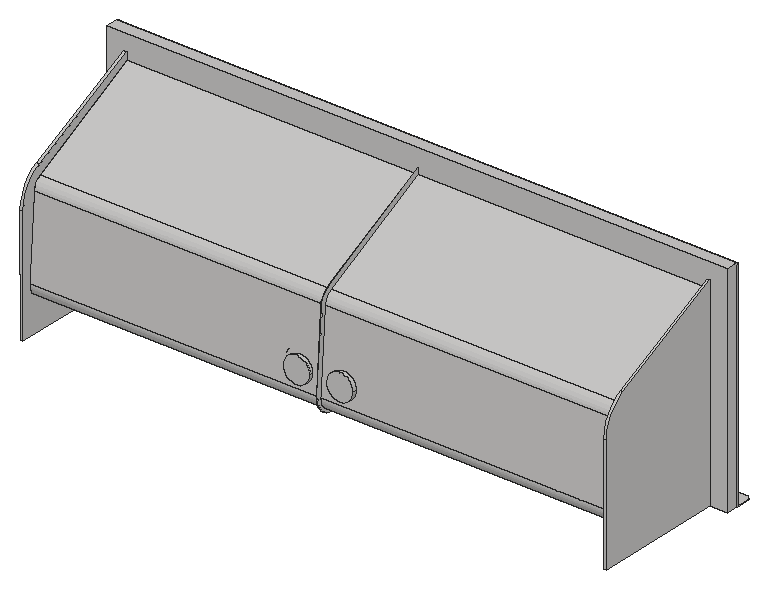
Revit family "PRD_AR_JntrlUnits_SiriusMultiPurposeSink_BS315N", category Plumbing Fixtures, host Face, Revit 2018
Family settings
  Host = Face
  Round Connector Dimension = Use Diameter
  Part Type = Normal
  OmniClass Number = 23.45.05.14.14
  OmniClass Title = Sinks/Lavatories
  Cut with Voids When Loaded = No
  Shared = No
  Room Calculation Point = No
Parameters (values of type "BS315N")
  WaterSupplyOverflowAndWasteHolesWaterSupply = "No tapholes"
  WaterSupplyOverflowAndWasteHolesWaste = "Right-Back-Corner"
  WaterSupplyOverflowAndWasteHolesOverflow = "Stand pipe overflow"
  WasteSize = 40.00 mm
  WarrantyStartDate [instance] = "1900-12-31T23:59:59"
  WarrantyGuarantorParts = "n/a"
  WarrantyGuarantorLabor = "n/a"
  WarrantyDurationUnit = "year"
  WarrantyDurationParts = "n/a"
  WarrantyDurationLabor = "n/a"
  WarrantyDescription = "n/a"
  Version = "1"
  Uniclass2015Version = "Products v1.10"
  Uniclass2015Title = "Janitorial sinks"
  Uniclass2015Code = "Pr_40_20_96_44"
  URL = "www.kwc.com"
  TagNumber [instance] = "n/a"
  SustainabilityPerformance = "n/a"
  Size = "1420 x 500 x 346 mm"
  SinkType = "Other"
  SinkMounting = "WallHung"
  SinkMaterial = PRD_AR_StainlessSteel_SatinFinished
  Shape = "Rectangular"
  SerialNumber [instance] = "n/a"
  Revision = "n/a"
  ReplacementCost = "n/a"
  ProductInformation = "https://pim.kwc.com/product/2030045755/attachment/datasheet?locale=en"
  OutletSize = "DN 40 (1 1/2 inch.)"
  Options = "n/a"
  NominalWidth = 1420 mm
  NominalHeight = 346 mm
  NominalDepth = 500 mm
  NetWeight = 13.50 kg
  Name = "Sirius multi purpose sink BS315N"
  NBSTypeID = "n/a"
  NBSReference = "45-35-70/401"
  NBSOfficeMasterTag = "n/a"
  NBSNote = "n/a"
  NBSDescription = "Janitorial units"
  NBSCertification = "n/a"
  ModelReference = "BS315N"
  ModelNumber = "2030045755"
  Model = ModelReference  # "BS315N"
  Material = "Stainless steel"
  ManufacturerURL = "www.kwc.com"
  ManufacturerName = "KWC Group AG"  # constant formula
  Manufacturer = ManufacturerName  # "KWC Group AG"
  IntegralAccessories = "incl. stainless steel screws and dowels"
  InstallationDate [instance] = "1900-12-31T23:59:59"
  IfcExportType = "SINK"
  IfcExportAs = "IfcSanitaryTerminalType"
  HingedGrateZSIRX001Right [instance] = yes
  HingedGrateZSIRX001Left [instance] = yes
  GrossWeight = 15.20 kg
  Grade = "n/a"
  Form = "Stainless steel multi purpose sink"
  FinishAndMaterial = "Stainless steel 1.4301"
  Finish = "Satin finished"
  Features = "stainless steel, 0.80 mm, satin finished, wall mounting, 1420x346x500 mm (WxHxD)"
  ExpectedLife = "n/a"
  DurationUnit = "year"
  DrainSize = "DN 40 (1 1/2 inch.)"
  Description = "SIRIUS washtrough with 2 basins for wall mounting, stainless steel, satin finished surface, material thickness of trough 0.8 mm / side panels 1.2 mm, seamlessly welded side panels with integrated wall brackets, front panel with rubbing board, 70 mm lowered tap landing, no overflow, 40 mm rear upstand, 2 central wastes, G 1 1/2 B plastic standpipe strainers (x2), removable corner protection plates, includes fixings."
  Default Elevation = 850 mm
  CreateOn = "11/2018"  # constant formula
  Constituents = "n/a"
  ConnectingDimensions = "n/a"
  Color = "Stainless steel"
  CodePerformance = "n/a"
  Category = "Pr_40_20_96_44, Janitorial sinks"
  BarCode [instance] = "n/a"
  BIMObjectName = "PRD_AR_JanitorialUnits_SiriusMultiPurposeSink_BS315N"
  Author = "Archispace"  # constant formula
  AssetType = "Fixed"
  AssetIdentifier [instance] = "n/a"
  AccessibilityPerformance = "n/a"
Reference planes
  plane 1 "Center (Front/Back)": y = 0
  plane 2: z = 0
  plane 3 "Center (Left/Right)": x = 0
Dimensions and locks
  aligned and locked: plane 2 to host face
  aligned and locked: level to host face
Nested families
  nested 1: "BS315" at (0, 0, 0) x (1, 0, 0) z (0, 1, 0), type "BS315"
    with Default Elevation 0 mm
  nested 2: "PRD_AR_JntrlUnits_SiriusHingedGrate_ZSIRX001" at (336, 0, 49.242) x (1, 0, 0) z (0, 1, 0), visible <- "HingedGrateZSIRX001Left", type "ZSIRX001", detail levels fine
    with WarrantyStartDate "1900-12-31T23:59:59", TagNumber "n/a", SerialNumber "n/a", InstallationDate "1900-12-31T23:59:59", BarCode "n/a", AssetIdentifier "n/a"
  nested 3: "PRD_AR_JntrlUnits_SiriusHingedGrate_ZSIRX001" at (-336, 0, 49.242) x (-1, 0, 0) z (0, 1, 0), visible <- "HingedGrateZSIRX001Right", type "ZSIRX001", detail levels fine
    with WarrantyStartDate "1900-12-31T23:59:59", TagNumber "n/a", SerialNumber "n/a", InstallationDate "1900-12-31T23:59:59", BarCode "n/a", AssetIdentifier "n/a"
  nested 4: "PRD_AR_JntrlUnits_SiriusAssemblyHingedGrate_ZSIRX004" at (331.425, 0, 252.242) x (1, 0, 0) z (0, 1, 0), type "ZSIRX004"
    with WarrantyStartDate "1900-12-31T23:59:59", TagNumber "n/a", SerialNumber "n/a", InstallationDate "1900-12-31T23:59:59", BarCode "n/a", AssetIdentifier "n/a"
  nested 5: "PRD_AR_JntrlUnits_SiriusAssemblyHingedGrate_ZSIRX004" at (-331.425, 0, 252.242) x (-1, 0, 0) z (0, 1, 0), type "ZSIRX004"
    with WarrantyStartDate "1900-12-31T23:59:59", TagNumber "n/a", SerialNumber "n/a", InstallationDate "1900-12-31T23:59:59", BarCode "n/a", AssetIdentifier "n/a"
Connectors
  piping at (-50, -313, 150.5), diameter 40, driven by "WasteSize", driven by "DrainSize"
    settings: on nested 1, index 1, connector inside diameter 609.60 mm, connector length 0 mm, flow factor 0, pipe flow 0.0 L/s, pressure drop 0.0 Pa, fitting loss kfactor 0, connector angle 0.00°, fixture units 0, engagement length 0 mm, angle of deflection 0.00°, flow configuration 2, flow direction 2, fitting loss method 0, system type 16, joint type 0, gender type 0, connector reference index -1, connector utility 0, adjustable connector no, is connector primary yes, connector description "DN 40 (1 1/2 inch.)"
  piping at (50, -313, 150.5), diameter 40, driven by "WasteSize", driven by "DrainSize"
    settings: on nested 1, index 2, connector inside diameter 609.60 mm, connector length 0 mm, flow factor 0, pipe flow 0.0 L/s, pressure drop 0.0 Pa, fitting loss kfactor 0, connector angle 0.00°, fixture units 0, engagement length 0 mm, angle of deflection 0.00°, flow configuration 2, flow direction 2, fitting loss method 0, system type 16, joint type 0, gender type 0, connector reference index -1, connector utility 0, adjustable connector no, is connector primary no, connector description "DN 40 (1 1/2 inch.)"
Definition of nested family "BS315"
  Parameters (values of type "BS315")
    Material = none
    Default Elevation = 1219.2 mm
  Reference planes
    plane 1 "Center (Front/Back)": y = 0
    plane 2: z = 0
    plane 3 "Center (Left/Right)": x = 0
  Forms (mm)
    Extrusion 1, solid, material <- "Material", detail levels fine
      sketch origin (0, 0, 0) x (0, 1, 0) y (0, 0, 1)
        loop
          line (-500, 0) -> (-500, -30) -> (0, -30) -> (0, 0) -> (-500, 0)
      from -710 to 710
    Extrusion 2, solid, material <- "Material", detail levels fine
      sketch origin (0, 0, 0) x (0, 1, 0) y (0, 0, 1)
        loop
          line (-267.47, -327) -> (0, -327) -> (0, -30) -> (-463.523, -30) -> (-343.122, -279.507)
          arc (-343.122, -279.507) -> (-312.132, -314.143) -> (-267.47, -327) r 84
      from 665 to 671
    Extrusion 3, solid, material <- "Material", detail levels fine
      sketch origin (0, 0, 0) x (0, 1, 0) y (0, 0, -1)
        loop
          arc (-267.47, 327) -> (-312.132, 314.143) -> (-343.122, 279.507) r 84
          line (-343.122, 279.507) -> (-463.523, 30) -> (0, 30) -> (0, 327) -> (-267.47, 327)
      from 665 to 671
    Extrusion 4, solid, material <- "Material", detail levels fine
      sketch origin (0, 0, 0) x (0, 1, 0) y (0, 0, 1)
        loop
          line (-76.498, -278.693) -> (-69.2, 0) -> (-460.898, 0) -> (-318.739, -279.003)
          arc (-318.739, -279.003) -> (-308.296, -290.704) -> (-293.444, -295.745) r 30.8
          line (-293.444, -295.745) -> (-109.436, -308.612)
          arc (-109.436, -308.612) -> (-86.578, -300.686) -> (-76.498, -278.693) r 30.8
      from -665 to 665
    Extrusion 5, void
      sketch origin (0, 0, 0) x (0, 1, 0) y (0, 0, 1)
        loop
          line (-77.497, -278.667) -> (-70.2, 0) -> (-459.776, 0) -> (-317.848, -278.549)
          arc (-317.848, -278.549) -> (-307.744, -289.87) -> (-293.375, -294.747) r 29.8
          line (-293.375, -294.747) -> (-109.366, -307.614)
          arc (-109.366, -307.614) -> (-87.25, -299.946) -> (-77.497, -278.667) r 29.8
      from -665 to 665
    Extrusion 6, void
      sketch origin (0, 0, 0) x (1, 0, 0) y (0, 0, 1)
        loop
          arc (-710, -2) -> (-709.414, -0.586) -> (-708, 0) r 2
          line (-708, 0) -> (-710, 0) -> (-710, -2)
        loop
          line (710, -2) -> (710, 0) -> (708, 0)
          arc (708, 0) -> (709.414, -0.586) -> (710, -2) r 2
      from 0 to 500
    Extrusion 7, void
      sketch origin (0, 0, 0) x (0, 1, 0) y (0, 0, 1)
        loop
          arc (-500, -2) -> (-499.414, -0.586) -> (-498, 0) r 2
          line (-498, 0) -> (-500, 0) -> (-500, -2)
      from -710 to 710
    Extrusion 8, solid, material <- "Material", detail levels medium+fine
      sketch origin (0, 0, 0) x (1, 0, 0) y (0, 0, 1)
        loop
          line (-710, 0) -> (710, 0) -> (710, 30) -> (700, 40) -> (-700, 40) -> (-710, 30) -> (-710, 0)
      from 0 to 1
    Extrusion 9, solid, material <- "Material", detail levels medium
      sketch origin (0, 0, 0) x (0, 1, 0) y (0, 0, 1)
        loop
          line (0, -327) -> (0, -30) -> (-463.523, -30) -> (-320.204, -327) -> (0, -327)
      from 665 to 671
    Extrusion 10, solid, material <- "Material", detail levels medium
      sketch origin (0, 0, 0) x (0, 1, 0) y (0, 0, -1)
        loop
          line (0, 327) -> (-320.204, 327) -> (-463.523, 30) -> (0, 30) -> (0, 327)
      from 665 to 671
    Extrusion 11, solid, material <- "Material", detail levels medium
      sketch origin (0, 0, 0) x (0, 1, 0) y (0, 0, 1)
        loop
          line (-77.34, -310.856) -> (-69.2, 0) -> (-460.898, 0) -> (-310.828, -294.529) -> (-77.34, -310.856)
      from -665 to 665
    Extrusion 12, solid, material <- "Material", detail levels medium
      sketch origin (0, 0, 0) x (0, 1, 0) y (0, 0, 1)
        loop
          line (-500, -30) -> (0, -30) -> (0, 0) -> (-500, 0) -> (-500, -30)
      from -710 to 710
    Extrusion 13, void
      sketch origin (0, 0, 0) x (0, 1, 0) y (0, 0, 1)
        loop
          line (-77.497, -278.667) -> (-70.2, 0) -> (-459.776, 0) -> (-317.848, -278.549)
          arc (-317.848, -278.549) -> (-307.744, -289.87) -> (-293.375, -294.747) r 29.8
          line (-293.375, -294.747) -> (-109.366, -307.614)
          arc (-109.366, -307.614) -> (-87.25, -299.946) -> (-77.497, -278.667) r 29.8
      from -670 to 670
    Extrusion 14, solid, material <- "Material", detail levels coarse
      sketch origin (0, 0, 0) x (0, 1, 0) y (0, 0, 1)
        loop
          line (-463.523, -30) -> (-320.204, -327) -> (0, -327) -> (0, 0) -> (-500, 0) -> (-500, -30) -> (-463.523, -30)
      from -710 to 710
    Extrusion 15, solid, material <- "Material", detail levels fine
      sketch origin (0, 0, 0) x (-1, 0, 0) y (0, -1, 0)
        loop
          line (85.128, 144) -> (85.128, 156)
          arc (85.128, 156) -> (72.065, 185.125) -> (41.628, 194.739) r 39
          line (41.628, 194.739) -> (1, 190.02) -> (1, 189.013) -> (41.743, 193.746)
          arc (41.743, 193.746) -> (71.4, 184.378) -> (84.128, 156) r 38
          line (84.128, 156) -> (84.128, 144)
          arc (84.128, 144) -> (71.4, 115.622) -> (41.743, 106.254) r 38
          line (41.743, 106.254) -> (1, 110.987) -> (1, 109.98) -> (41.628, 105.261)
          arc (41.628, 105.261) -> (72.065, 114.875) -> (85.128, 144) r 39
        loop
          arc (-85.128, 144) -> (-72.065, 114.875) -> (-41.628, 105.261) r 39
          line (-41.628, 105.261) -> (-1, 109.98) -> (-1, 110.987) -> (-41.743, 106.254)
          arc (-41.743, 106.254) -> (-71.4, 115.622) -> (-84.128, 144) r 38
          line (-84.128, 144) -> (-84.128, 156)
          arc (-84.128, 156) -> (-71.4, 184.378) -> (-41.743, 193.746) r 38
          line (-41.743, 193.746) -> (-1, 189.013) -> (-1, 190.02) -> (-41.628, 194.739)
          arc (-41.628, 194.739) -> (-72.065, 185.125) -> (-85.128, 156) r 39
          line (-85.128, 156) -> (-85.128, 144)
      from -302.105 to -75
    Extrusion 16, solid, material <- "Material", detail levels medium+fine
      sketch origin (0, 0, 0) x (0, 1, 0) y (0, 0, 1)
        loop
          line (-67.164, -273.671) -> (-60.579, -22.216) -> (-70.2, 0) -> (-459.776, 0) -> (-458.256, -25.408) -> (-328.22, -280.617)
          arc (-328.22, -280.617) -> (-312.962, -297.712) -> (-291.264, -305.078) r 45
          line (-291.264, -305.078) -> (-115.288, -317.383)
          arc (-115.288, -317.383) -> (-81.892, -305.803) -> (-67.164, -273.671) r 45
      from -1 to 1
    Extrusion 17, solid, material <- "Material"
      sketch origin (0, 0, 0) x (1, 0, 0) y (0, 1, 0)
        loop
          circle (-50, -150.5) r 30
        loop
          circle (50, -150.5) r 30
      from -300.6 to -313
  Cuts and joins
    Extrusion 5, Extrusion 6, Extrusion 7 cuts Extrusion 1
    Extrusion 5, Extrusion 7 cuts Extrusion 2
    Extrusion 5, Extrusion 7 cuts Extrusion 3
    Extrusion 5, Extrusion 7 cuts Extrusion 4
    joined: Extrusion 1, Extrusion 2, Extrusion 3, Extrusion 4
    Extrusion 13 cuts Extrusion 9
    Extrusion 13 cuts Extrusion 10
    Extrusion 13 cuts Extrusion 11
    Extrusion 13 cuts Extrusion 12
    joined: Extrusion 9, Extrusion 10, Extrusion 11, Extrusion 12
  Lines and regions (mm)
    symbolic lines, detail levels coarse
      curve 1: line (-670, -70.2, 0) -> (670, -70.2, 0)
      curve 2: line (-670, -459.776, 0) -> (-670, -70.2, 0)
      curve 3: line (670, -459.776, 0) -> (-670, -459.776, 0)
      curve 4: line (670, -70.2, 0) -> (670, -459.776, 0)
      curve 5: line (0, -70.2, 0) -> (0, -459.776, 0)
  Dimensions and locks
    aligned and locked: level to plane 2
Definition of nested family "PRD_AR_JntrlUnits_SiriusHingedGrate_ZSIRX001"
  Parameters (values of type "ZSIRX001")
    WarrantyStartDate [instance] = "1900-12-31T23:59:59"
    WarrantyGuarantorParts = "n/a"
    WarrantyGuarantorLabor = "n/a"
    WarrantyDurationUnit = "year"
    WarrantyDurationParts = "n/a"
    WarrantyDurationLabor = "n/a"
    WarrantyDescription = "n/a"
    Version = "1"
    Uniclass2015Version = "Products v1.5"
    Uniclass2015Title = "Janitorial sinks"
    Uniclass2015Code = "Pr_40_20_96_44"
    URL = "www.kwc.com"
    TagNumber [instance] = "n/a"
    SustainabilityPerformance = "n/a"
    Style = "Hinged grate"
    Size = "25 x 310 x 430 mm"
    Shape = "n/a"
    SerialNumber [instance] = "n/a"
    Revision = "n/a"
    ReplacementCost = "n/a"
    ProductInformation = "https://pim.kwc.com/product/2000102678/attachment/datasheet?locale=en"
    NominalWidth = 0 mm
    NominalLength = 430 mm
    NominalHeight = 0 mm
    NominalDepth = 310 mm
    NetWeight = 1.60 kg
    Name = "Sirius hinged grate ZSIRX001"
    NBSTypeID = "n/a"
    NBSReference = "45-35-70/401"
    NBSOfficeMasterTag = "n/a"
    NBSNote = "n/a"
    NBSDescription = "Janitorial units"
    NBSCertification = "n/a"
    ModelReference = "ZSIRX001"
    ModelNumber = "2000102678"
    Model = ModelReference  # "ZSIRX001"
    Material = "stainless steel 1.4301"
    ManufacturerURL = "www.kwc.com"
    ManufacturerName = "KWC Group AG"  # constant formula
    Manufacturer = ManufacturerName  # "KWC Group AG"
    MainColor = "stainless steel"
    InstallationDate [instance] = "1900-12-31T23:59:59"
    IfcExportType = "NOTDEFINED"
    IfcExportAs = "IfcFurnitureType"
    GrossWeight = 4.00 kg
    GrateMaterial = none
    Grade = "n/a"
    Finish = "satin finished"
    Features = "stainless steel, 4.00 mm, satin finished, bolt mounting, 25x310x430 mm (WxHxD)"
    ExpectedLife = "n/a"
    DurationUnit = "year"
    Description = "Hinged grate (unfixed) of stainless steel to BS313, BS314, LTJ450 and CA210."
    Constituents = "n/a"
    Color = "stainless steel"
    CodePerformance = "n/a"
    Category = "Pr_40_20_96_44, Janitorial sinks"
    BarCode [instance] = "n/a"
    BIMObjectName = "PRD_AR_JanitorialUnits_SiriusHingedGrate_ZSIRX001"
    Author = "Archispace"  # constant formula
    AssetType = "Fixed"
    AssetIdentifier [instance] = "n/a"
    AccessibilityPerformance = "n/a"
  Reference planes
    plane 1 "Center (Front/Back)": y = 0
    plane 2: z = 0
    plane 3 "Center (Left/Right)": x = 0
  Forms (mm)
    Extrusion 1, solid, material <- "GrateMaterial"
      sketch origin (0, 0, 0) x (1, 0, 0) y (0, 1, 0)
        loop
          arc (-155, -414) -> (-152.364, -420.364) -> (-146, -423) r 9
          line (-146, -423) -> (-58, -423)
          arc (-58, -423) -> (-51.636, -420.364) -> (-49, -414) r 9
          line (-49, -414) -> (-49, -337) -> (49, -337) -> (49, -414)
          arc (49, -414) -> (51.636, -420.364) -> (58, -423) r 9
          line (58, -423) -> (146, -423)
          arc (146, -423) -> (152.364, -420.364) -> (155, -414) r 9
          line (155, -414) -> (155, 4) -> (155, 7) -> (151, 7) -> (151, -233) -> (53, -233) -> (53, 7) -> (49, 7) -> (49, -333) -> (-49, -333) -> (-49, 7) -> (-53, 7) -> (-53, -233) -> (-151, -233) -> (-151, 7) -> (-155, 7) -> (-155, -414)
        loop
          arc (-58, -419) -> (-54.464, -417.536) -> (-53, -414) r 5
          line (-53, -414) -> (-53, -237) -> (-151, -237) -> (-151, -414)
          arc (-151, -414) -> (-149.536, -417.536) -> (-146, -419) r 5
          line (-146, -419) -> (-58, -419)
        loop
          arc (146, -419) -> (149.536, -417.536) -> (151, -414) r 5
          line (151, -414) -> (151, -237) -> (53, -237) -> (53, -414)
          arc (53, -414) -> (54.464, -417.536) -> (58, -419) r 5
          line (58, -419) -> (146, -419)
      from 4 to 24
    Extrusion 2, solid, material <- "GrateMaterial", detail levels fine
      sketch origin (0, 0, 0) x (0, 1, 0) y (0, 0, 1)
        loop
          circle (0, 12) r 4
      from -151 to 151
    Extrusion 3, solid, material <- "GrateMaterial", detail levels fine
      sketch origin (0, 0, 0) x (1, 0, 0) y (0, 1, 0)
        loop
          circle (-140, 0) r 8
        loop
          circle (140, 0) r 8
      from 0 to 17
  Dimensions and locks
    aligned and locked: level to plane 2
  Nested families
    nested 1: "PRD_AR_JntrlUnits_SiriusAssemblyHingedGrate_ZSIRX004" at (-4.575, -203, 0), type "ZSIRX004"
      with WarrantyStartDate "1900-12-31T23:59:59", TagNumber "n/a", SerialNumber "n/a", InstallationDate "1900-12-31T23:59:59", BarCode "n/a", AssetIdentifier "n/a"
  Definition of nested family "PRD_AR_JntrlUnits_SiriusAssemblyHingedGrate_ZSIRX004"
    Parameters (values of type "ZSIRX004")
      WarrantyStartDate [instance] = "1900-12-31T23:59:59"
      WarrantyGuarantorParts = "n/a"
      WarrantyGuarantorLabor = "n/a"
      WarrantyDurationUnit = "year"
      WarrantyDurationParts = "n/a"
      WarrantyDurationLabor = "n/a"
      WarrantyDescription = "n/a"
      Version = "1"
      Uniclass2015Version = "Products v1.5"
      Uniclass2015Title = "Janitorial sinks"
      Uniclass2015Code = "Pr_40_20_96_44"
      URL = "www.kwc.com"
      TagNumber [instance] = "n/a"
      SustainabilityPerformance = "n/a"
      Style = "Assembly hinged grate"
      Size = "n/a"
      Shape = "n/a"
      SerialNumber [instance] = "n/a"
      Revision = "n/a"
      ReplacementCost = "n/a"
      ProductInformation = "https://pim.kwc.com/product/2000102679/attachment/datasheet?locale=en"
      NominalWidth = 0 mm
      NominalLength = 0 mm
      NominalHeight = 0 mm
      NominalDepth = 0 mm
      NetWeight = 0.00 kg
      Name = "Sirius assembly hinged grate ZSIRX004"
      NBSTypeID = "n/a"
      NBSReference = "45-35-70/401"
      NBSOfficeMasterTag = "n/a"
      NBSNote = "n/a"
      NBSDescription = "Janitorial units"
      NBSCertification = "n/a"
      ModelReference = "ZSIRX004"
      ModelNumber = "2000102679"
      Model = ModelReference  # "ZSIRX004"
      Material = "n/a"
      ManufacturerURL = "www.kwc.com"
      ManufacturerName = "KWC Group AG"  # constant formula
      Manufacturer = ManufacturerName  # "KWC Group AG"
      MainColor = "n/a"
      InstallationDate [instance] = "1900-12-31T23:59:59"
      IfcExportType = "NOTDEFINED"
      IfcExportAs = "IfcFurnitureType"
      GrossWeight = 0.00 kg
      Grade = "n/a"
      Finish = "n/a"
      Features = "assembly hinged grate"
      ExpectedLife = "n/a"
      DurationUnit = "year"
      Description = "Surcharge assembly hinged grate."
      Constituents = "n/a"
      Color = "n/a"
      CodePerformance = "n/a"
      Category = "Pr_40_20_96_44, Janitorial sinks"
      BarCode [instance] = "n/a"
      BIMObjectName = "PRD_AR_JanitorialUnits_SiriusAssemblyHingedGrate_ZSIRX004"
      Author = "Archispace"  # constant formula
      AssetType = "Fixed"
      AssetIdentifier [instance] = "n/a"
      AccessibilityPerformance = "n/a"
    Reference planes
      plane 1 "Center (Front/Back)": y = 0
      plane 2: z = 0
      plane 3 "Center (Left/Right)": x = 0
    Dimensions and locks
      aligned and locked: level to plane 2
Definition of nested family "PRD_AR_JntrlUnits_SiriusAssemblyHingedGrate_ZSIRX004"
  Parameters (values of type "ZSIRX004")
    WarrantyStartDate [instance] = "1900-12-31T23:59:59"
    WarrantyGuarantorParts = "n/a"
    WarrantyGuarantorLabor = "n/a"
    WarrantyDurationUnit = "year"
    WarrantyDurationParts = "n/a"
    WarrantyDurationLabor = "n/a"
    WarrantyDescription = "n/a"
    Version = "1"
    Uniclass2015Version = "Products v1.5"
    Uniclass2015Title = "Janitorial sinks"
    Uniclass2015Code = "Pr_40_20_96_44"
    URL = "www.kwc.com"
    TagNumber [instance] = "n/a"
    SustainabilityPerformance = "n/a"
    Style = "Assembly hinged grate"
    Size = "n/a"
    Shape = "n/a"
    SerialNumber [instance] = "n/a"
    Revision = "n/a"
    ReplacementCost = "n/a"
    ProductInformation = "https://pim.kwc.com/product/2000102679/attachment/datasheet?locale=en"
    NominalWidth = 0 mm
    NominalLength = 0 mm
    NominalHeight = 0 mm
    NominalDepth = 0 mm
    NetWeight = 0.00 kg
    Name = "Sirius assembly hinged grate ZSIRX004"
    NBSTypeID = "n/a"
    NBSReference = "45-35-70/401"
    NBSOfficeMasterTag = "n/a"
    NBSNote = "n/a"
    NBSDescription = "Janitorial units"
    NBSCertification = "n/a"
    ModelReference = "ZSIRX004"
    ModelNumber = "2000102679"
    Model = ModelReference  # "ZSIRX004"
    Material = "n/a"
    ManufacturerURL = "www.kwc.com"
    ManufacturerName = "KWC Group AG"  # constant formula
    Manufacturer = ManufacturerName  # "KWC Group AG"
    MainColor = "n/a"
    InstallationDate [instance] = "1900-12-31T23:59:59"
    IfcExportType = "NOTDEFINED"
    IfcExportAs = "IfcFurnitureType"
    GrossWeight = 0.00 kg
    Grade = "n/a"
    Finish = "n/a"
    Features = "assembly hinged grate"
    ExpectedLife = "n/a"
    DurationUnit = "year"
    Description = "Surcharge assembly hinged grate."
    Constituents = "n/a"
    Color = "n/a"
    CodePerformance = "n/a"
    Category = "Pr_40_20_96_44, Janitorial sinks"
    BarCode [instance] = "n/a"
    BIMObjectName = "PRD_AR_JanitorialUnits_SiriusAssemblyHingedGrate_ZSIRX004"
    Author = "Archispace"  # constant formula
    AssetType = "Fixed"
    AssetIdentifier [instance] = "n/a"
    AccessibilityPerformance = "n/a"
  Reference planes
    plane 1 "Center (Front/Back)": y = 0
    plane 2: z = 0
    plane 3 "Center (Left/Right)": x = 0
  Dimensions and locks
    aligned and locked: level to plane 2
